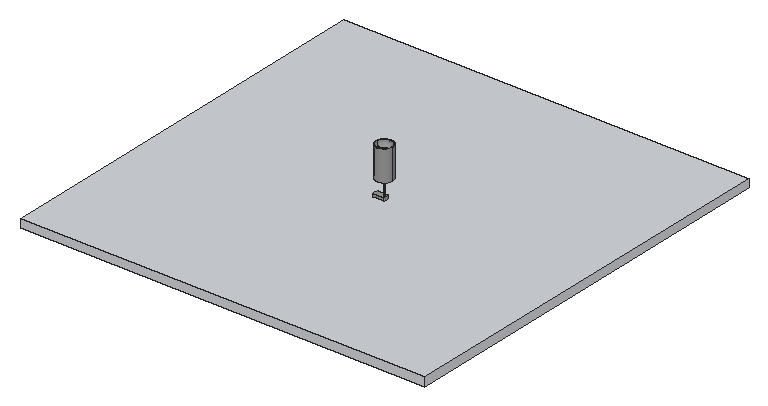
Revit family "LAMP_KOMBIC 100 SURFACE SUSPENDED TRACK 2500 CRI80 OPTIC DALI", category Luminarias, Revit 2018
Family settings
  Anfitrión = Cara
  Cota de conector redondo = Diámetro de uso
  Tipo de pieza = Normal
  Corte con vacíos al cargar = No
  Origen de luz = Sí
  Compartido = No
  Punto de cálculo de habitación = No
Parameters (values of type "1205LM 3000K  B/B")
  Ángulo de inclinación = -90.00°
  Weight = 0.498 kg
  UGR = "17"
  Type = "COB PHILIPS"
  Protection rating = "IP40"
  Product datasheet = "http://www.lamp.es/product-files/TECH/K11ST2540WF830DBB-EN.pdf"
  Product code = "K11ST2540WF830DBB"
  Product URL = "https://www.lamp.es/en/family/kombic-surface_474354"
  Power Supply = "220-240V 50/60Hz"
  Power = 18 W
  Plum = 21.6 W
  Modelo = Product code  # "K11ST2540WF830DBB"
  Model explanation = "Possibility to modify the lenght of the suspension cable up to 1m"
  Material reflector = LAMP_PC Reflector Kombic Metalizado Negro
  Material floron = LAMP_Plástico genérico NG
  Material difusor = LAMP_PMMA Difusor Kombic
  Material cuerpo = LAMP_Plástico genérico NG
  Material cable suspension = LAMP_Acero genérico
  Manufacturer name = "LAMP"
  Manufacturer country = "Spain"
  Manufacturer URL = "http://www.lamp.es/en"
  MacAdam = "3"
  Luminaire type = "Track Suspended"
  Last update = "03/08/2021"
  Lamp = "COB LED"
  LED Lifetime = "50.000 L70 B10"
  Insulation class = "I"
  Installation instructions = "https://www.lamp.es/product-files/packed/by-family/474354_INS_all.zip"
  IEE = "A+"
  Wattage = 21.6 W
  built-in parameter 1150107 = 3000 (stored number, unit not read)
  built-in parameter 1150110 = 1 (stored number, unit not read)
  built-in parameter 1150109 = 1 (stored number, unit not read)
  built-in parameter 1150112 = 1 (stored number, unit not read)
  built-in parameter 1150113 = 1 (stored number, unit not read)
  built-in parameter 1114218 = 1 (stored number, unit not read)
  built-in parameter 1150137 = (empty or 0)
  built-in parameter 1150132 = 2
  built-in parameter 1150105 = 2137.8 (stored number, unit not read)
  built-in parameter 1150102 = (empty or 0)
  built-in parameter 1150106 = 21.378 (stored number, unit not read)
  Height suspension [instance] = 100 mm
  Height distance [instance] = if(Height suspension > 1 mm, if(Height suspension < 1000 mm, Height suspension, 1000 mm), 1 mm)  # 100 mm
  Height = 180 mm
  Gear = "Electronic"
  Lumens = 1609.2 lm
  Finish = "Matte black RAL 9011"
  Color Filter = 16777215
  built-in parameter 1114217 = 1 (stored number, unit not read)
  built-in parameter 1150139 = (empty or 0)
  Fabricante = Manufacturer name  # "LAMP"
  Default Elevation = 1219.2 mm
  built-in parameter 1150104 = 6.9213 (stored number, unit not read)
  Efficacy = 74.5 lm/W
  Diameter = 100 mm
  built-in parameter 1150115 = 1 (stored number, unit not read)
  built-in parameter 1150114 = 1 (stored number, unit not read)
  built-in parameter 1150138 = (empty or 0)
  built-in parameter 1150134 = (empty or 0)
  Dimming Lamp Color Temperature Shift = (empty or 0)
  CRI = "80"
  Archivo de red fotométrica = "K11rd2540WF830NBw.IES"
  built-in parameter 1150133 = 10 (stored number, unit not read)
Types (12, lengths in mm): name | UGR | Product datasheet | Product code | Modelo | Material reflector | Material cuerpo | built-in parameter 1150107 | built-in parameter 1150105 | built-in parameter 1150106 | Lumens | Finish | built-in parameter 1150104 | Efficacy | built-in parameter 1150134 | Archivo de red fotométrica
  1205LM 3000K  B/B | "17" | "http://www.lamp.es/product-files/TECH/K11ST2540WF830DBB-EN.pdf" | "K11ST2540WF830DBB" | "K11ST2540WF830DBB" | LAMP_PC Reflector Kombic Metalizado Negro | LAMP_Plástico genérico NG | 3000 (stored number, unit not read) | 2137.8 (stored number, unit not read) | 21.378 (stored number, unit not read) | 1609.2 lm | "Matte black RAL 9011" | 6.9213 (stored number, unit not read) | 74.5 lm/W | (empty or 0) | "K11rd2540WF830NBw.IES"
  1205LM 3000K  B/W | "17" | "http://www.lamp.es/product-files/TECH/K11ST2540WF830DBW-EN.pdf" | "K11ST2540WF830DBW" | "K11ST2540WF830DBW" | LAMP_PC Reflector Kombic Metalizado Negro | LAMP_Plástico genérico BL | 3000 (stored number, unit not read) | 2137.8 (stored number, unit not read) | 21.378 (stored number, unit not read) | 1609.2 lm | "Matte Traffic white RAL 9016" | 6.9213 (stored number, unit not read) | 74.5 lm/W | (empty or 0) | "K11rd2540WF830NBW.IES"
  1268LM 3000K  M/B | "17" | "http://www.lamp.es/product-files/TECH/K11ST2540WF830DMB-EN.pdf" | "K11ST2540WF830DMB" | "K11ST2540WF830DMB" | LAMP_PC Reflector Kombic Metalizado Mate | LAMP_Plástico genérico NG | 3000 (stored number, unit not read) | 2246.9 (stored number, unit not read) | 22.469 (stored number, unit not read) | 1691.28 lm | "Matte black RAL 9011" | 7.2743 (stored number, unit not read) | 78.3 lm/W | (empty or 0) | "K11rd2540WF830NMw.IES"
  1268LM 3000K  M/W | "17" | "http://www.lamp.es/product-files/TECH/K11ST2540WF830DMW-EN.pdf" | "K11ST2540WF830DMW" | "K11ST2540WF830DMW" | LAMP_PC Reflector Kombic Metalizado Mate | LAMP_Plástico genérico BL | 3000 (stored number, unit not read) | 2246.9 (stored number, unit not read) | 22.469 (stored number, unit not read) | 1691.28 lm | "Matte Traffic white RAL 9016" | 7.2743 (stored number, unit not read) | 78.3 lm/W | (empty or 0) | "K11rd2540WF830NMW.IES"
  1275LM 3000K  W/B | "19" | "http://www.lamp.es/product-files/TECH/K11ST2540WF830DWB-EN.pdf" | "K11ST2540WF830DWB" | "K11ST2540WF830DWB" | LAMP_PC Reflector Kombic Blanco | LAMP_Plástico genérico NG | 3000 (stored number, unit not read) | 2261.2 (stored number, unit not read) | 22.612 (stored number, unit not read) | 1702.08 lm | "Matte black RAL 9011" | 7.3208 (stored number, unit not read) | 78.8 lm/W | (empty or 0) | "K11rd2540WF830NWw.IES"
  1275LM 3000K  W/W | "19" | "http://www.lamp.es/product-files/TECH/K11ST2540WF830DWW-EN.pdf" | "K11ST2540WF830DWW" | "K11ST2540WF830DWW" | LAMP_PC Reflector Kombic Blanco | LAMP_Plástico genérico BL | 3000 (stored number, unit not read) | 2156 (stored number, unit not read) | 21.56 (stored number, unit not read) | 1702.08 lm | "Matte Traffic white RAL 9016" | 7.3208 (stored number, unit not read) | 78.8 lm/W | (empty or 0) | "K11rd2540WF830NWW.IES"
  1277LM 4000K  B/B | "17" | "http://www.lamp.es/product-files/TECH/K11ST2540WF840DBB-EN.pdf" | "K11ST2540WF840DBB" | "K11ST2540WF840DBB" | LAMP_PC Reflector Kombic Metalizado Negro | LAMP_Plástico genérico NG | 4000 (stored number, unit not read) | 2264.1 (stored number, unit not read) | 22.641 (stored number, unit not read) | 1704.24 lm | "Matte black RAL 9011" | 7.33 (stored number, unit not read) | 78.9 lm/W | 12 | "K11rd2540WF840NBw.IES"
  1277LM 4000K  B/W | "17" | "http://www.lamp.es/product-files/TECH/K11ST2540WF840DBW-EN.pdf" | "K11ST2540WF840DBW" | "K11ST2540WF840DBW" | LAMP_PC Reflector Kombic Metalizado Negro | LAMP_Plástico genérico BL | 4000 (stored number, unit not read) | 2264.1 (stored number, unit not read) | 22.641 (stored number, unit not read) | 1704.24 lm | "Matte Traffic white RAL 9016" | 7.33 (stored number, unit not read) | 78.9 lm/W | 12 | "K11rd2540WF840NBW.IES"
  1343LM 4000K  W/B | "17" | "http://www.lamp.es/product-files/TECH/K11ST2540WF840DMB-EN.pdf" | "K11ST2540WF840DMB" | "K11ST2540WF840DMB" | LAMP_PC Reflector Kombic Metalizado Mate | LAMP_Plástico genérico NG | 4000 (stored number, unit not read) | 2381.7 (stored number, unit not read) | 23.817 (stored number, unit not read) | 1792.8 lm | "Matte black RAL 9011" | 7.711 (stored number, unit not read) | 83 lm/W | 12 | "K11rd2540WF840NMw.IES"
  1343LM 4000K  W/W | "17" | "http://www.lamp.es/product-files/TECH/K11ST2540WF840DMW-EN.pdf" | "K11ST2540WF840DMW" | "K11ST2540WF840DMW" | LAMP_PC Reflector Kombic Metalizado Mate | LAMP_Plástico genérico BL | 4000 (stored number, unit not read) | 2381.7 (stored number, unit not read) | 23.817 (stored number, unit not read) | 1792.8 lm | "Matte Traffic white RAL 9016" | 7.711 (stored number, unit not read) | 83 lm/W | 12 | "K11rd2540WF840NMw.IES"
  1351LM 4000K  M/B | "19" | "http://www.lamp.es/product-files/TECH/K11ST2540WF840DWB-EN.pdf" | "K11ST2540WF840DWB" | "K11ST2540WF840DWB" | LAMP_PC Reflector Kombic Blanco | LAMP_Plástico genérico NG | 4000 (stored number, unit not read) | 2393.2 (stored number, unit not read) | 23.932 (stored number, unit not read) | 1801.44 lm | "Matte black RAL 9011" | 7.7481 (stored number, unit not read) | 83.4 lm/W | 12 | "K11rd2540WF840NWw.IES"
  1351LM 4000K  M/W | "19" | "http://www.lamp.es/product-files/TECH/K11ST2540WF840DWW-EN.pdf" | "K11ST2540WF840DWW" | "K11ST2540WF840DWW" | LAMP_PC Reflector Kombic Blanco | LAMP_Plástico genérico BL | 4000 (stored number, unit not read) | 2393.2 (stored number, unit not read) | 23.932 (stored number, unit not read) | 1801.44 lm | "Matte Traffic white RAL 9016" | 7.7481 (stored number, unit not read) | 83.4 lm/W | 12 | "K11rd2540WF840NWW.IES"
Reference planes
  plane 1 "Centro (Frontal/Posterior)": y = 0
  plane 2: z = 0
  plane 3 "Centro (Izquierda/Derecha)": x = 0
Forms (mm)
  Extrusion 1, solid
    sketch origin (0, 0, 0) x (1, 0, 0) y (0, 1, 0)
      loop
        line (-1219.2, 1219.2) -> (-1219.2, -1219.2) -> (1219.2, -1219.2) -> (1219.2, 1219.2) -> (-1219.2, 1219.2)
    from 0 to -50
  Extrusion 2, solid, material "LAMP_Plástico genérico NG" <- "Material cuerpo"
    sketch origin (0, 0, 0) x (1, 0, 0) y (0, 1, 0)
      loop
        circle (0, 0) r 50
    from 114 to 294
  Extrusion 3, void
    sketch origin (0, 0, 0) x (1, 0, 0) y (0, 1, 0)
      loop
        circle (0, 0) r 48
    from 130.273 to 294
  Sweep 4, solid, material "LAMP_PC Reflector Kombic Metalizado Negro" <- "Material reflector"
    path origin (105.103, -251.845, 294) x (1, 0, 0) y (0, 1, 0)
      loop
        circle (-105.103, 251.959) r 48
    profile origin (0, 48.114, 294) x (0, -1, 0) y (0, 0, 1)
      loop
        arc (0, 0) -> (6.616, -20.646) -> (24, -33.6) r 35.52
        line (24, -33.6) -> (24, -32.6)
        arc (24, -32.6) -> (7.196, -20.217) -> (2, 0) r 31.112
        line (2, 0) -> (0, 0)
  Extrusion 5, solid, material "LAMP_PMMA Difusor Kombic" <- "Material difusor"
    sketch origin (0, 0, 0) x (1, 0, 0) y (0, 1, 0)
      loop
        circle (0, 0) r 24
    from 260.4 to 261.4
  Extrusion 6, solid, material "LAMP_Plástico genérico NG" <- "Material cuerpo"
    sketch origin (0, 0, 0) x (1, 0, 0) y (0, 1, 0)
      loop
        arc (-54.442, 16) -> (-58.313, 0) -> (-54.442, -16) r 35
        line (-54.442, -16) -> (7.815, -16)
        arc (7.815, -16) -> (11.687, 0) -> (7.815, 16) r 35
        line (7.815, 16) -> (-54.442, 16)
    from -26 to 14
  Extrusion 7, void
    sketch origin (0, 0, 0) x (0, 1, 0) y (0, 0, 1)
      loop
        line (17, 0) -> (7, 0) -> (7, -25) -> (-7, -25) -> (-7, 0) -> (-17, 0) -> (-17, -26) -> (17, -26) -> (17, 0)
    from -59.309 to 12.887
  Extrusion 8, solid
    sketch origin (0, 0, 0) x (1, 0, 0) y (0, 1, 0)
      loop
        circle (0, 0) r 1
    from 14 to 114
Cuts and joins
  Extrusion 3 cuts Extrusion 2
  Extrusion 7 cuts Extrusion 6
Text (mm)
  text "Any modification of the parameters and properties of the LAMP BIM models must be executed and validated by the LAMP technical department.\nPhone: +34 93 736 68 00\nE-mail: lamp@lamp.es\n\nLAMP reserves the right to modify the technical specifications of its products." at (1856.491, -4316.333, -2622.127), in view "Preview"
Dimensions and locks
  locked: Extrusion 2 to Extrusion 2 at 180
  locked: cut or joined group of Extrusion 2, Extrusion 3 to cut or joined group of Extrusion 2, Extrusion 3 at 163.727
  "Height distance": cut or joined group of Extrusion 2, Extrusion 3 to cut or joined group of Extrusion 6, Extrusion 7
  locked: cut or joined group of Extrusion 6, Extrusion 7 to Extrusion 1 at 14
  aligned and locked: plane 2 to Extrusion 1
  aligned and locked: level to Extrusion 1
  aligned and locked: Extrusion 2 to Extrusion 3
  aligned and locked: Sweep 4 to Extrusion 5
  aligned and locked: Extrusion 5 to Sweep 4
  aligned and locked: imposter light to cut or joined group of Extrusion 2, Extrusion 3
  aligned and locked: Extrusion 8 to cut or joined group of Extrusion 6, Extrusion 7
  aligned and locked: cut or joined group of Extrusion 2, Extrusion 3 to Extrusion 8
Automatic sketch dimensions
  Extrusion 1 sketch curve to Extrusion 1 sketch curve = 2438.4 mm  (x2)
  plane 1 "Centro (Frontal/Posterior)" to Extrusion 2 sketch curve = 0 mm
  Extrusion 2 sketch curve to plane 3 "Centro (Izquierda/Derecha)" = 0 mm
  plane 1 "Centro (Frontal/Posterior)" to Extrusion 3 sketch curve = 0 mm
  Extrusion 3 sketch curve to plane 3 "Centro (Izquierda/Derecha)" = 0 mm
  Sweep 4 sketch curve to profile plane = 0 mm  (x2)
  Sweep 4 sketch curve to Sweep 4 sketch curve = 2 mm
  Sweep 4 sketch curve to profile plane = 24 mm
  Sweep 4 sketch curve to profile plane = 2.814 mm
  Sweep 4 sketch curve to Sweep 4 sketch curve = 8.984 mm
  Sweep 4 sketch curve to Sweep 4 sketch curve = 2.536 mm
  plane 1 "Centro (Frontal/Posterior)" to Extrusion 5 sketch curve = 0 mm
  Extrusion 5 sketch curve to plane 3 "Centro (Izquierda/Derecha)" = 0 mm
  Extrusion 6 sketch curve to Extrusion 6 sketch curve = 0 mm  (x2)
  plane 1 "Centro (Frontal/Posterior)" to Extrusion 6 sketch curve = 0 mm
  Extrusion 6 sketch curve to plane 1 "Centro (Frontal/Posterior)" = 16 mm
  Extrusion 6 sketch curve to plane 3 "Centro (Izquierda/Derecha)" = 54.442 mm
  plane 1 "Centro (Frontal/Posterior)" to Extrusion 6 sketch curve = 16 mm
  Extrusion 6 sketch curve to plane 3 "Centro (Izquierda/Derecha)" = 23.313 mm
  plane 3 "Centro (Izquierda/Derecha)" to Extrusion 6 sketch curve = 7.815 mm
  Extrusion 7 sketch curve to level = 0 mm  (x2)
  plane 1 "Centro (Frontal/Posterior)" to Extrusion 7 sketch curve = 17 mm
  plane 1 "Centro (Frontal/Posterior)" to Extrusion 7 sketch curve = 7 mm
  Extrusion 7 sketch curve to plane 1 "Centro (Frontal/Posterior)" = 7 mm
  Extrusion 7 sketch curve to Extrusion 7 sketch curve = 10 mm
  Extrusion 7 sketch curve to Extrusion 7 sketch curve = 25 mm
  Extrusion 7 sketch curve to Extrusion 7 sketch curve = 1 mm
  plane 1 "Centro (Frontal/Posterior)" to Extrusion 8 sketch curve = 0 mm
  Extrusion 8 sketch curve to plane 3 "Centro (Izquierda/Derecha)" = 0 mm
  radius of Extrusion 2 sketch curve = 50 mm
  radius of Extrusion 3 sketch curve = 48 mm
  radius of Sweep 4 sketch curve = 48 mm
  radius of Extrusion 5 sketch curve = 24 mm
  radius of Extrusion 8 sketch curve = 1 mm
Connectors
  electrical at (0, 0, 114)
    settings: on cut or joined group of Extrusion 2, Extrusion 3, index 1, voltage 230 V, apparent load 0 VA, apparent load phase1 0 VA, apparent load phase2 0 VA, apparent load phase3 0 VA, power factor 1, load classification "Otro", number of poles 1, system type 31, power factor state 1, is connector primary yes, connector utility no, sub classification motor no, connector description ""
